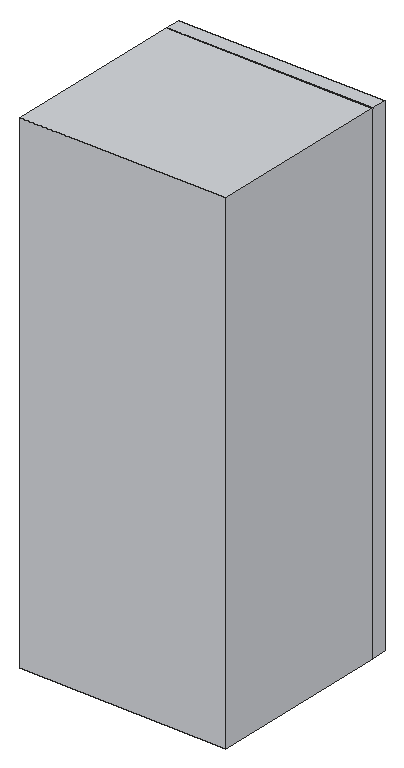
Revit family
Parameters (values of type "720 x 300 x 290mm")
  Materiale = none
  Manufacturer = "Revit"
  Maniglia = none
  Assembly Code = ""
Reference planes
  plane 1: y = 0
  plane 2 "Center (Left/Right)": x = 125
  plane 3 "Back": y = 75
  plane 4: z = 2039.786
  plane 5: z = 1319.786
  plane 6: x = 275
  plane 7: x = -25
  plane 8: y = 365
Forms (mm)
  Extrusion 1, solid, material <- "Materiale"
    sketch origin (0, 0, 0) x (1, 0, 0) y (0, 1, 0)
      loop
        line (-25, 343) -> (-25, 75) -> (275, 75) -> (275, 343) -> (253, 343) -> (253, 97) -> (-3, 97) -> (-3, 343) -> (-25, 343)
    from 1341.786 to 2017.786
  Extrusion 2, solid, material <- "Materiale"
    sketch origin (0, 0, 2017.786) x (1, 0, 0) y (0, 1, 0)
      loop
        line (-25, 343) -> (-25, 75) -> (275, 75) -> (275, 343) -> (-25, 343)
    from 0 to 22
  Extrusion 3, solid, material <- "Materiale"
    sketch origin (0, 0, 1319.786) x (1, 0, 0) y (0, 1, 0)
      loop
        line (-25, 343) -> (-25, 75) -> (275, 75) -> (275, 343) -> (-25, 343)
    from 0 to 22
  Extrusion 4, solid, material <- "Materiale"
    sketch origin (275, 343, 2017.786) x (0, 0, -1) y (-1, 0, 0)
      loop
        line (-22, 0) -> (698, 0) -> (698, 300) -> (-22, 300) -> (-22, 0)
    from 0 to 22
Cuts and joins
  joined: Extrusion 1, Extrusion 2, Extrusion 3
Text (mm)
  text "Placement side" at (-1343.702, 674.496, 0), in view "Ref. Level"
  text "Placement side" at (0, 1232.041, 2958.779), in view "Left"
  text "Placement side" at (0, 590.385, 3035.99), in view "Right"
Dimensions and locks
  locked: plane 3 "Back" to host wall at 0
  locked: plane 3 "Back" to plane 8 at 290
  equal spacing: plane 7, plane 2 "Center (Left/Right)", plane 6
  plane 5 to plane 4 = 720 mm
  aligned and locked: plane 1 to host wall
  aligned and locked: Extrusion 1 sketch curve to plane 7
  aligned and locked: plane 6 to Extrusion 1 sketch curve
  aligned and locked: plane 3 "Back" to Extrusion 1 sketch curve
  aligned and locked: Extrusion 2 to plane 4
  aligned and locked: Extrusion 1 to Extrusion 2
  aligned and locked: Extrusion 1 to Extrusion 3
  aligned and locked: plane 5 to Extrusion 3
  aligned and locked: Extrusion 4 sketch curve to Extrusion 2  (x2)
  aligned and locked: Extrusion 4 sketch curve to Extrusion 3  (x2)
  aligned and locked: plane 8 to nested 1
Automatic sketch dimensions
  plane 7 to Extrusion 1 sketch curve = 22 mm
  Extrusion 1 sketch curve to plane 6 = 22 mm
  host wall to Extrusion 1 sketch curve = 22 mm
  plane 8 to Extrusion 1 sketch curve = 22 mm  (x2)
  Extrusion 2 sketch curve to host wall = 0 mm
  Extrusion 2 sketch curve to plane 7 = 0 mm
  Extrusion 2 sketch curve to plane 6 = 0 mm
  plane 8 to Extrusion 2 sketch curve = 22 mm
  Extrusion 3 sketch curve to host wall = 0 mm
  Extrusion 3 sketch curve to plane 7 = 0 mm
  Extrusion 3 sketch curve to plane 6 = 0 mm
  plane 8 to Extrusion 3 sketch curve = 22 mm
Nested families
  nested 1: "Casework Handle" at (399.877, 388, 1369.786), type "220 x 23mm"
Definition of nested family "Casework Handle"
  Parameters (values of type "220 x 23mm")
    Material = none
  Reference planes
    plane 1 "Center (Front/Back)": y = 0
    plane 2: z = 0
    plane 3 "Center (Left/Right)": x = -274.877
    plane 4: x = -384.877
    plane 5: x = -164.877
    plane 6: y = 23
    plane 7: z = 12
  Forms (mm)
    Sweep 1, solid, material <- "Material"
      path origin (0, 0, 0) x (1, 0, 0) y (0, 1, 0)
        loop
          line (-384.877, 23) -> (-384.877, 2.5)
          arc (-384.877, 2.5) -> (-384.145, 0.732) -> (-382.377, 0) r 2.5
          line (-382.377, 0) -> (-167.377, 0)
          arc (-167.377, 0) -> (-165.609, 0.732) -> (-164.877, 2.5) r 2.5
          line (-164.877, 2.5) -> (-164.877, 23)
      profile origin (0, 12.75, 0) x (1, 0, 0) y (0, 0, 1)
        loop
          line (-384.877, 0) -> (-382.877, 0) -> (-382.877, 12) -> (-384.877, 12) -> (-384.877, 0)
    Extrusion 2, solid, material <- "Material"
      sketch origin (0, 0, 0) x (1, 0, 0) y (0, 1, 0)
        loop
          arc (-382.877, 2.5) -> (-382.731, 2.146) -> (-382.377, 2) r 0.5
          line (-382.377, 2) -> (-167.377, 2)
          arc (-167.377, 2) -> (-167.023, 2.146) -> (-166.877, 2.5) r 0.5
          line (-166.877, 2.5) -> (-166.877, 23) -> (-382.877, 23) -> (-382.877, 2.5)
      from 2.765 to 9.254
  Dimensions and locks
    equal spacing: plane 4, plane 3 "Center (Left/Right)", plane 5
